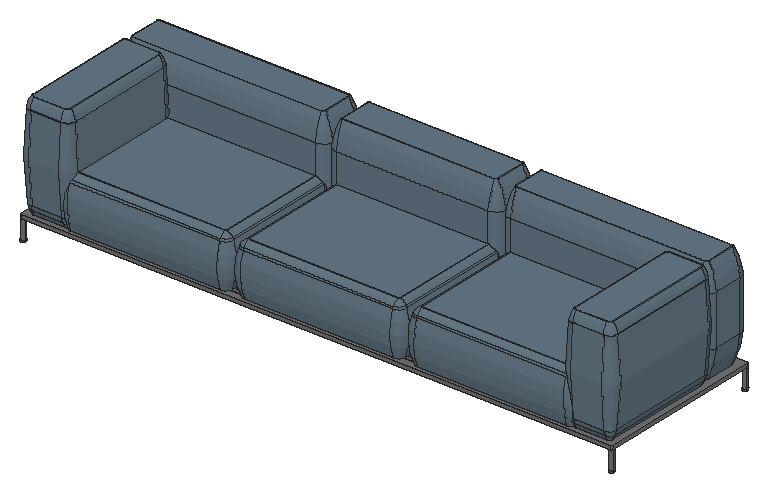
Revit family "Haworth_Mex-Hi_Sofa_ExtraWide", category Furniture, Revit 2018
Family settings
  OmniClass Number = 23.40.70.14.64.21
  OmniClass Title = Systems Furniture
  Work Plane-Based = No
  Always vertical = Yes
  Cut with Voids When Loaded = No
  Shared = No
  Room Calculation Point = No
Parameters (values of type "Three Seat Sofa - Two Arms")
  Without Arms = no
  With Arms = not(Without Arms)  # yes
  Warranty = "http://www.haworth.com/resources/product-info/warranties"
  URL - Product = "https://www.haworth.com/na/en/products/lounge-sofas/ottomans/mex-hi-seating.html"
  URL = "https://www.haworth.com/na/en/about/brands/haworth-collection.html"
  Trim Finish = Haworth _ Polymer _ Black
  Sustainability Info = "https://www.haworth.com/na/en/expertise/sustainability.html"
  Size = "Verify Final Dim. w/ Haworth"  # constant formula
  Seat Upholstery Finish [instance] = Haworth _ Leather _ Scozia _ Oceano ES-342
  Right Arms = yes
  Revision Number = "1"  # constant formula
  Model = "HCCSMHL"  # constant formula
  Manufacturer = "Haworth"  # constant formula
  Left Arms = yes
  Description = "Haworth - Cassina - Mex-Hi - Sofa - Two Arms - Extra Wide Three Seat"
  Base Finish [instance] = Haworth _ Paint _ Matte Anthracite 69-ANT
  Back Upholstery Finish [instance] = Haworth _ Leather _ Scozia _ Oceano ES-342
  Author = "Haworth (Abd Rahman)"  # constant formula
  Assembly Code = "E2020200"
  Actual Width = 122.00"  # constant formula
  Actual Height = 28.30"  # constant formula
  Actual Depth = 35.50"  # constant formula
Reference planes (in)
  plane 1: z = 0
  plane 2 "Center L/R": x = -6.11989
  plane 3 "Center F/B": y = -11.5
  plane 4 "Top": z = 28.3
  plane 5 "Back": y = 6.25
  plane 6 "Front": y = -29.25
  plane 7 "Right": x = 54.88011
  plane 8 "Left": x = -67.11989
  plane 9: x = -23.83489
  plane 10: x = 11.59511
  plane 11: z = 4.88189
Dimensions and locks (in)
  equal spacing: plane 8 "Left", plane 2 "Center L/R", plane 7 "Right"
  "Actual Width": plane 8 "Left" to plane 7 "Right"
  equal spacing: plane 5 "Back", plane 3 "Center F/B", plane 6 "Front"
  "Actual Depth": plane 5 "Back" to plane 6 "Front"
  "Actual Height": plane 4 "Top" to plane 1
  plane 8 "Left" to plane 9 to plane 10 to plane 7 "Right" = 43.285", 35.43", 43.285"
  aligned and locked: plane 2 "Center L/R" to nested 2
  aligned and locked: nested 2 to plane 3 "Center F/B"
  aligned and locked: nested 1 to plane 2 "Center L/R"
  aligned and locked: plane 7 "Right" to nested 5
  aligned and locked: plane 8 "Left" to nested 6
  aligned and locked: plane 5 "Back" to nested 6
  aligned and locked: nested 5 to plane 5 "Back"
  aligned and locked: nested 4 to plane 7 "Right"
  aligned and locked: nested 3 to plane 8 "Left"
  aligned and locked: plane 2 "Center L/R" to nested 7
  aligned and locked: nested 4 to nested 7
  aligned and locked: plane 8 "Left" to nested 8
  aligned and locked: plane 6 "Front" to nested 8
  aligned and locked: plane 7 "Right" to nested 9
  aligned and locked: nested 9 to plane 6 "Front"
  aligned and locked: nested 10 to nested 3
  aligned and locked: nested 4 to nested 11
  aligned and locked: plane 9 to nested 1
  aligned and locked: plane 10 to nested 1
  aligned and locked: nested 10 to plane 9
  aligned and locked: nested 11 to plane 10
  aligned and locked: nested 2 to plane 11
  aligned and locked: nested 6 to plane 11
  aligned and locked: plane 11 to nested 3
  aligned and locked: plane 11 to nested 8
  aligned and locked: plane 11 to nested 10
  aligned and locked: plane 11 to nested 7
  aligned and locked: plane 11 to nested 4
  aligned and locked: plane 11 to nested 11
  aligned and locked: nested 9 to plane 11
  aligned and locked: nested 1 to plane 11
Nested families (in)
  nested 1: "Haworth_Mex-Hi_Sofa_Back-Wide-PART" at (-12.59365, 9.90612, -0.04956) x (-1, 0, 0) z (0, 0, 1), Back Upholstery Finish <- "Back Upholstery Finish", type "Back Wide - PART - Small"
    with Back Upholstery Finish Haworth _ Leather _ Scozia _ Oceano ES-342, Extra Small no
  nested 2: "Haworth_Mex-Hi_Sofa_Base-PART" at (0, 0, 0), Base Finish <- "Base Finish", type "Base - PART"
    with Base Finish Haworth _ Paint _ Matte Anthracite 69-ANT, Two Seats no, Actual Width 122.00"
  nested 3: "Haworth_Mex-Hi_Sofa_Seat-Wide-PART" at (-38.69817, -3.81836, 0), Seat Upholstery Finish <- "Seat Upholstery Finish", visible <- "Without Arms", type "Seat Wide - PART - Middle - Large"
    with Seat Upholstery Finish Haworth _ Leather _ Scozia _ Oceano ES-342
  nested 4: "Haworth_Mex-Hi_Sofa_Seat-Wide-PART" at (38.76563, -3.81836, 0), Seat Upholstery Finish <- "Seat Upholstery Finish", visible <- "Without Arms", type "Seat Wide - PART - Middle - Large"
    with Seat Upholstery Finish Haworth _ Leather _ Scozia _ Oceano ES-342
  nested 5: "Haworth_Mex-Hi_Sofa_Back-Wide-PART" at (43.63887, 9.90612, -0.04956), Back Upholstery Finish <- "Back Upholstery Finish", type "Back Wide - PART - Large"
    with Back Upholstery Finish Haworth _ Leather _ Scozia _ Oceano ES-342, Extra Small no
  nested 6: "Haworth_Mex-Hi_Sofa_Back-Wide-PART" at (-55.87865, 9.90612, -0.04956) x (-1, 0, 0) z (0, 0, 1), Back Upholstery Finish <- "Back Upholstery Finish", type "Back Wide - PART - Large"
    with Back Upholstery Finish Haworth _ Leather _ Scozia _ Oceano ES-342, Extra Small no
  nested 7: "Haworth_Mex-Hi_Sofa_Seat-Wide-PART" at (0, -3.81836, 0), Seat Upholstery Finish <- "Seat Upholstery Finish", type "Seat Wide - PART - Middle - Small"
    with Seat Upholstery Finish Haworth _ Leather _ Scozia _ Oceano ES-342
  nested 8: "Haworth_Mex-Hi_Sofa_Arm-Wide-PART" at (-54.95296, -6.3526, -0.04956), visible <- "Left Arms", Arm Finish <- "Back Upholstery Finish", type "Arm Wide - PART"
    with Arm Finish Haworth _ Leather _ Scozia _ Oceano ES-342
  nested 9: "Haworth_Mex-Hi_Sofa_Arm-Wide-PART" at (42.71317, -6.3526, -0.04956) x (-1, 0, 0) z (0, 0, 1), visible <- "Right Arms", Arm Finish <- "Back Upholstery Finish", type "Arm Wide - PART"
    with Arm Finish Haworth _ Leather _ Scozia _ Oceano ES-342
  nested 10: "Haworth_Mex-Hi_Sofa_Seat-Wide-PART" at (-35.56461, -3.81836, 0), visible <- "With Arms", Seat Upholstery Finish <- "Seat Upholstery Finish", type "Seat Wide - PART - Middle - Small"
    with Seat Upholstery Finish Haworth _ Leather _ Scozia _ Oceano ES-342
  nested 11: "Haworth_Mex-Hi_Sofa_Seat-Wide-PART" at (35.56461, -3.81836, 0), visible <- "With Arms", Seat Upholstery Finish <- "Seat Upholstery Finish", type "Seat Wide - PART - Middle - Small"
    with Seat Upholstery Finish Haworth _ Leather _ Scozia _ Oceano ES-342
Definition of nested family "Haworth_Mex-Hi_Sofa_Back-Wide-PART"
  Parameters (values of type "Back Wide - PART - Small")
    Warranty = "http://www.haworth.com/resources/product-info/warranties"
    URL - Product = "https://www.haworth.com/na/en/products/lounge-sofas/ottomans/mex-hi-seating.html"
    URL = "https://www.haworth.com/na/en/about/brands/haworth-collection.html"
    Sustainability Info = "https://www.haworth.com/na/en/expertise/sustainability.html"
    Small = yes
    Size = "Verify Final Dim. w/ Haworth"  # constant formula
    Seat Height = 17.00"  # constant formula
    Revision Number = "1"  # constant formula
    Model = "Haworth - Cassina - Mex-Hi"  # constant formula
    Manufacturer = "Haworth"  # constant formula
    Large = no
    Extra Small = yes
    Description = "Haworth - Cassina - Mex-Hi - Back - Wide - PART"  # constant formula
    Back Upholstery Finish [instance] = none
    Author = "Haworth (Abd Rahman)"  # constant formula
    Assembly Code = "E2020200"
    Actual Width = 35.43"  # constant formula
    Actual Height = 27.39844"  # constant formula
    Actual Depth = 10.60"  # constant formula
  Types (2): name | Small | Large
    Back Wide - PART - Small | yes | no
    Back Wide - PART - Large | no | yes
  Reference planes (in)
    plane 1: z = 0
    plane 2 "Top": z = 27.39844
    plane 3: z = 17
    plane 4 "Right": x = 11.24124
    plane 5 "Left": x = -24.18876
    plane 6 "Center (Left/Right)": x = -6.47376
    plane 7 "Back": y = -3.65612
    plane 8 "Front": y = -14.25612
    plane 9 "Center (Front/Back)": y = -8.95612
    plane 10: x = -20.15376
    plane 11: x = 7.20624
  Forms (in)
    Extrusion 1, solid, material <- "Back Upholstery Finish", visible <- "Small"
      sketch origin (0, 0.1875, 0) x (1, 0, 0) y (0, 1, 0)
        loop
          line (-22.40055, -6.01823) -> (-22.40055, -12.26715)
          arc (-22.40055, -12.26715) -> (-22.28726, -12.54067) -> (-22.01374, -12.65397) r 0.38681
          line (-22.01374, -12.65397) -> (9.07786, -12.65397)
          arc (9.07786, -12.65397) -> (9.35138, -12.54067) -> (9.46468, -12.26715) r 0.38681
          line (9.46468, -12.26715) -> (9.46468, -6.01823)
          arc (9.46468, -6.01823) -> (9.35138, -5.74471) -> (9.07786, -5.63141) r 0.38681
          line (9.07786, -5.63141) -> (-22.01374, -5.63141)
          arc (-22.01374, -5.63141) -> (-22.28726, -5.74471) -> (-22.40055, -6.01823) r 0.38681
      from 4.93145 to 26.69365
    Sweep 2, solid, material <- "Back Upholstery Finish", visible <- "Small"
      path origin (0, 0.1875, 0) x (1, 0, 0) y (0, 1, 0)
        loop
          arc (-22.01374, -5.51823) -> (-22.36729, -5.66467) -> (-22.51374, -6.01823) r 0.5
          line (-22.51374, -6.01823) -> (-22.51374, -12.26715)
          arc (-22.51374, -12.26715) -> (-22.36729, -12.62071) -> (-22.01374, -12.76715) r 0.5
          line (-22.01374, -12.76715) -> (9.07786, -12.76715)
          arc (9.07786, -12.76715) -> (9.43142, -12.62071) -> (9.57786, -12.26715) r 0.5
          line (9.57786, -12.26715) -> (9.57786, -6.01823)
          arc (9.57786, -6.01823) -> (9.43142, -5.66467) -> (9.07786, -5.51823) r 0.5
          line (9.07786, -5.51823) -> (-22.01374, -5.51823)
      profile origin (-6.46794, -5.33073, 0) x (0, 1, 0) y (0, 0, 1)
        loop
          arc (1.49021, 21.44568) -> (0.98441, 24.16007) -> (-0.11319, 26.69365) r 12.32019
          line (-0.11319, 26.69365) -> (-0.11319, 4.93145)
          arc (-0.11319, 4.93145) -> (0.96903, 7.99176) -> (1.49021, 11.19568) r 18.19442
          arc (1.49021, 11.19568) -> (1.67463, 16.32068) -> (1.49021, 21.44568) r 71.30597
    Sweep 3, solid, material <- "Back Upholstery Finish", visible <- "Large"
      path origin (0, 0.1875, 0) x (1, 0, 0) y (0, 1, 0)
        loop
          arc (-29.78736, -5.63141) -> (-30.14092, -5.77786) -> (-30.28736, -6.13141) r 0.5
          line (-30.28736, -6.13141) -> (-30.28736, -12.15397)
          arc (-30.28736, -12.15397) -> (-30.14092, -12.50752) -> (-29.78736, -12.65397) r 0.5
          line (-29.78736, -12.65397) -> (8.96468, -12.65397)
          arc (8.96468, -12.65397) -> (9.31823, -12.50752) -> (9.46468, -12.15397) r 0.5
          line (9.46468, -12.15397) -> (9.46468, -6.13141)
          arc (9.46468, -6.13141) -> (9.31823, -5.77786) -> (8.96468, -5.63141) r 0.5
          line (8.96468, -5.63141) -> (-29.78736, -5.63141)
      profile origin (-10.41134, -5.44391, 0) x (0, 1, 0) y (0, 0, 1)
        loop
          arc (1.49021, 21.44568) -> (0.98441, 24.16007) -> (-0.11319, 26.69365) r 12.32019
          line (-0.11319, 26.69365) -> (-0.11319, 4.93145)
          arc (-0.11319, 4.93145) -> (0.96903, 7.99176) -> (1.49021, 11.19568) r 18.19442
          arc (1.49021, 11.19568) -> (1.67463, 16.32068) -> (1.49021, 21.44568) r 71.30597
    Extrusion 4, solid, material <- "Back Upholstery Finish", visible <- "Large"
      sketch origin (0, 0.1875, 0) x (1, 0, 0) y (0, 1, 0)
        loop
          line (-30.17418, -6.13141) -> (-30.17418, -12.15397)
          arc (-30.17418, -12.15397) -> (-30.06088, -12.42749) -> (-29.78736, -12.54078) r 0.38681
          line (-29.78736, -12.54078) -> (8.96468, -12.54078)
          arc (8.96468, -12.54078) -> (9.2382, -12.42749) -> (9.35149, -12.15397) r 0.38681
          line (9.35149, -12.15397) -> (9.35149, -6.13141)
          arc (9.35149, -6.13141) -> (9.2382, -5.85789) -> (8.96468, -5.7446) r 0.38681
          line (8.96468, -5.7446) -> (-29.78736, -5.7446)
          arc (-29.78736, -5.7446) -> (-30.06088, -5.85789) -> (-30.17418, -6.13141) r 0.38681
      from 4.93145 to 26.69365
    Sweep 5, solid, material <- "Back Upholstery Finish", visible <- "Extra Small"
      path origin (0, 0.1875, 0) x (1, 0, 0) y (0, 1, 0)
        loop
          arc (-17.90376, -5.51823) -> (-18.25731, -5.66467) -> (-18.40376, -6.01823) r 0.5
          line (-18.40376, -6.01823) -> (-18.40376, -12.26715)
          arc (-18.40376, -12.26715) -> (-18.25731, -12.62071) -> (-17.90376, -12.76715) r 0.5
          line (-17.90376, -12.76715) -> (4.95624, -12.76715)
          arc (4.95624, -12.76715) -> (5.30979, -12.62071) -> (5.45624, -12.26715) r 0.5
          line (5.45624, -12.26715) -> (5.45624, -6.01823)
          arc (5.45624, -6.01823) -> (5.30979, -5.66467) -> (4.95624, -5.51823) r 0.5
          line (4.95624, -5.51823) -> (-17.90376, -5.51823)
      profile origin (-6.47376, -5.33073, 0) x (0, 1, 0) y (0, 0, 1)
        loop
          arc (1.49021, 21.44568) -> (0.98441, 24.16007) -> (-0.11319, 26.69365) r 12.32019
          line (-0.11319, 26.69365) -> (-0.11319, 4.93145)
          arc (-0.11319, 4.93145) -> (0.96903, 7.99176) -> (1.49021, 11.19568) r 18.19442
          arc (1.49021, 11.19568) -> (1.67463, 16.32068) -> (1.49021, 21.44568) r 71.30597
    Extrusion 6, solid, material <- "Back Upholstery Finish", visible <- "Extra Small"
      sketch origin (0, 0.1875, 0) x (1, 0, 0) y (0, 1, 0)
        loop
          line (-18.29057, -6.01823) -> (-18.29057, -12.26715)
          arc (-18.29057, -12.26715) -> (-18.17728, -12.54067) -> (-17.90376, -12.65397) r 0.38681
          line (-17.90376, -12.65397) -> (4.95624, -12.65397)
          arc (4.95624, -12.65397) -> (5.22976, -12.54067) -> (5.34306, -12.26715) r 0.38681
          line (5.34306, -12.26715) -> (5.34306, -6.01823)
          arc (5.34306, -6.01823) -> (5.22976, -5.74471) -> (4.95624, -5.63141) r 0.38681
          line (4.95624, -5.63141) -> (-17.90376, -5.63141)
          arc (-17.90376, -5.63141) -> (-18.17728, -5.74471) -> (-18.29057, -6.01823) r 0.38681
      from 4.93145 to 26.69365
  Lines and regions (in)
    Masking region 1, visible <- "Large"
      outline origin (0, 0, 0) x (1, 0, 0) y (0, 1, 0)
        loop
          line (-31.95339, -5.80612) -> (-31.95339, -12.10612)
          arc (-31.95339, -12.10612) -> (-31.32367, -13.6264) -> (-29.80339, -14.25612) r 2.15
          line (-29.80339, -14.25612) -> (9.0884, -14.25612)
          arc (9.0884, -14.25612) -> (10.61069, -13.62556) -> (11.24124, -12.10328) r 2.15284
          line (11.24124, -12.10328) -> (11.24124, -5.80612)
          arc (11.24124, -5.80612) -> (10.61152, -4.28584) -> (9.09124, -3.65612) r 2.15
          line (9.09124, -3.65612) -> (-29.80339, -3.65612)
          arc (-29.80339, -3.65612) -> (-31.32367, -4.28584) -> (-31.95339, -5.80612) r 2.15
    Masking region 2, visible <- "Small"
      outline origin (0, 0, 0) x (1, 0, 0) y (0, 1, 0)
        loop
          line (-24.18876, -5.80612) -> (-24.18876, -12.10612)
          arc (-24.18876, -12.10612) -> (-23.55904, -13.6264) -> (-22.03876, -14.25612) r 2.15
          line (-22.03876, -14.25612) -> (9.0884, -14.25612)
          arc (9.0884, -14.25612) -> (10.61069, -13.62556) -> (11.24124, -12.10328) r 2.15284
          line (11.24124, -12.10328) -> (11.24124, -5.80612)
          arc (11.24124, -5.80612) -> (10.61152, -4.28584) -> (9.09124, -3.65612) r 2.15
          line (9.09124, -3.65612) -> (-22.03876, -3.65612)
          arc (-22.03876, -3.65612) -> (-23.55904, -4.28584) -> (-24.18876, -5.80612) r 2.15
    Masking region 3, visible <- "Extra Small"
      outline origin (0, 0, 0) x (1, 0, 0) y (0, 1, 0)
        loop
          line (-20.15376, -5.80612) -> (-20.15376, -12.10612)
          arc (-20.15376, -12.10612) -> (-19.52404, -13.6264) -> (-18.00376, -14.25612) r 2.15
          line (-18.00376, -14.25612) -> (5.0534, -14.25612)
          arc (5.0534, -14.25612) -> (6.57569, -13.62556) -> (7.20624, -12.10328) r 2.15284
          line (7.20624, -12.10328) -> (7.20624, -5.80612)
          arc (7.20624, -5.80612) -> (6.57652, -4.28584) -> (5.05624, -3.65612) r 2.15
          line (5.05624, -3.65612) -> (-18.00376, -3.65612)
          arc (-18.00376, -3.65612) -> (-19.52404, -4.28584) -> (-20.15376, -5.80612) r 2.15
  Dimensions and locks (in)
    "Actual Height": plane 2 "Top" to plane 1
    "Seat Height": plane 3 to level
    equal spacing: plane 5 "Left", plane 6 "Center (Left/Right)", plane 4 "Right"
    "Actual Width": plane 5 "Left" to plane 4 "Right"
    equal spacing: plane 8 "Front", plane 9 "Center (Front/Back)", plane 7 "Back"
    "Actual Depth": plane 8 "Front" to plane 7 "Back"
    Masking region 3 sketch curve to plane 6 "Center (Left/Right)" to Masking region 3 sketch curve = 13.68", 13.68"
  Automatic sketch dimensions
    Extrusion 1 sketch curve to plane 5 "Left" = 1.78821"
    Extrusion 1 sketch curve to Extrusion 1 sketch curve = 0.38681"  (x3)
    Extrusion 1 sketch curve to plane 4 "Right" = 2.16338"  (x2)
    plane 8 "Front" to Extrusion 1 sketch curve = 1.78965"
    plane 7 "Back" to Extrusion 1 sketch curve = 2.17461"
    Sweep 2 sketch curve to plane 5 "Left" = 1.67502"
    Sweep 2 sketch curve to Sweep 2 sketch curve = 0.50"  (x3)
    Sweep 2 sketch curve to plane 4 "Right" = 2.16338"  (x2)
    plane 8 "Front" to Sweep 2 sketch curve = 1.67646"
    plane 7 "Back" to Sweep 2 sketch curve = 2.17461"
    level to Sweep 2 sketch curve = 16.32068"
    profile plane to Sweep 2 sketch curve = 69.63135"
    profile plane to Sweep 2 sketch curve = 16.65715"
    Sweep 2 sketch curve to Sweep 2 sketch curve = 5.85904"
    profile plane to Sweep 2 sketch curve = 0.11319"
    level to Sweep 2 sketch curve = 12.50337"
    level to Sweep 2 sketch curve = 4.93145"
    Sweep 2 sketch curve to Sweep 2 sketch curve = 8.05681"
    Sweep 2 sketch curve to Sweep 2 sketch curve = 6.13346"
    Sweep 2 sketch curve to Sweep 2 sketch curve = 0.00"
    Masking region 1 sketch curve to plane 8 "Front" = 0.00"
    plane 7 "Back" to Masking region 1 sketch curve = 0.00"
    Masking region 1 sketch curve to plane 4 "Right" = 0.00"
    Masking region 1 sketch curve to plane 4 "Right" = 2.15"
    Masking region 1 sketch curve to Masking region 1 sketch curve = 2.15284"
    plane 7 "Back" to Masking region 1 sketch curve = 2.15"
    plane 5 "Left" to Masking region 1 sketch curve = 5.61464"
    Masking region 1 sketch curve to Masking region 1 sketch curve = 2.15"
    plane 8 "Front" to Sweep 3 sketch curve = 2.28965"
    plane 5 "Left" to Sweep 3 sketch curve = 6.09861"
    Sweep 3 sketch curve to Sweep 3 sketch curve = 0.50"  (x3)
    Sweep 3 sketch curve to plane 4 "Right" = 2.27656"  (x2)
    plane 7 "Back" to Sweep 3 sketch curve = 2.2878"
    level to Sweep 3 sketch curve = 16.32068"
    profile plane to Sweep 3 sketch curve = 69.63135"
    profile plane to Sweep 3 sketch curve = 16.65715"
    Sweep 3 sketch curve to Sweep 3 sketch curve = 5.85904"
    profile plane to Sweep 3 sketch curve = 0.11319"
    level to Sweep 3 sketch curve = 12.50337"
    level to Sweep 3 sketch curve = 4.93145"
    Sweep 3 sketch curve to Sweep 3 sketch curve = 8.05681"
    Sweep 3 sketch curve to Sweep 3 sketch curve = 6.13346"
    Sweep 3 sketch curve to Sweep 3 sketch curve = 0.00"
    plane 7 "Back" to Extrusion 4 sketch curve = 2.2878"
    plane 5 "Left" to Extrusion 4 sketch curve = 5.98542"
    Extrusion 4 sketch curve to Extrusion 4 sketch curve = 0.38681"  (x3)
    Extrusion 4 sketch curve to plane 4 "Right" = 2.27656"  (x2)
    plane 8 "Front" to Extrusion 4 sketch curve = 2.28965"
    Masking region 2 sketch curve to plane 5 "Left" = 0.00"
    Masking region 2 sketch curve to plane 8 "Front" = 0.00"
    plane 7 "Back" to Masking region 2 sketch curve = 0.00"
    Masking region 2 sketch curve to plane 4 "Right" = 0.00"
    Masking region 2 sketch curve to plane 5 "Left" = 2.15"  (x2)
    Masking region 2 sketch curve to plane 4 "Right" = 2.15284"
    Masking region 2 sketch curve to Masking region 2 sketch curve = 2.15"
    Masking region 3 sketch curve to plane 8 "Front" = 0.00"
    plane 7 "Back" to Masking region 3 sketch curve = 0.00"
    plane 8 "Front" to Masking region 3 sketch curve = 2.15"
    Masking region 3 sketch curve to Masking region 3 sketch curve = 2.15"
    Masking region 3 sketch curve to Masking region 3 sketch curve = 2.15284"
    plane 7 "Back" to Masking region 3 sketch curve = 2.15"
    plane 8 "Front" to Sweep 5 sketch curve = 2.17646"  (x2)
    Sweep 5 sketch curve to plane 5 "Left" = 5.785"
    Sweep 5 sketch curve to Sweep 5 sketch curve = 0.50"  (x3)
    Sweep 5 sketch curve to plane 4 "Right" = 6.285"
    plane 7 "Back" to Sweep 5 sketch curve = 2.17461"
    level to Sweep 5 sketch curve = 16.32068"
    profile plane to Sweep 5 sketch curve = 69.63135"
    profile plane to Sweep 5 sketch curve = 16.65715"
    Sweep 5 sketch curve to Sweep 5 sketch curve = 5.85904"
    profile plane to Sweep 5 sketch curve = 0.11319"
    level to Sweep 5 sketch curve = 12.50337"
    level to Sweep 5 sketch curve = 4.93145"
    Sweep 5 sketch curve to Sweep 5 sketch curve = 8.05681"
    Sweep 5 sketch curve to Sweep 5 sketch curve = 6.13346"
    Sweep 5 sketch curve to Sweep 5 sketch curve = 0.00"
    Extrusion 6 sketch curve to plane 5 "Left" = 5.89819"
    Extrusion 6 sketch curve to Extrusion 6 sketch curve = 0.38681"  (x3)
    Extrusion 6 sketch curve to plane 4 "Right" = 6.285"  (x2)
    plane 8 "Front" to Extrusion 6 sketch curve = 1.78965"
    plane 7 "Back" to Extrusion 6 sketch curve = 2.17461"
Definition of nested family "Haworth_Mex-Hi_Sofa_Base-PART"
  Parameters (values of type "Base - PART")
    Warranty = "http://www.haworth.com/resources/product-info/warranties"
    URL - Product = "https://www.haworth.com/na/en/products/lounge-sofas/ottomans/mex-hi-seating.html"
    URL = "https://www.haworth.com/na/en/about/brands/haworth-collection.html"
    Two Seats = yes
    Trim Finish = none
    Three Seats = yes
    Sustainability Info = "https://www.haworth.com/na/en/expertise/sustainability.html"
    Size = "Verify Final Dim. w/ Haworth"  # constant formula
    Revision Number = "1"  # constant formula
    Model = "Haworth - Cassina - Mex-Hi"  # constant formula
    Manufacturer = "Haworth"  # constant formula
    Description = "Haworth - Cassina - Mex-Hi - Sofa - Base - PART"  # constant formula
    Base Finish [instance] = none
    Author = "Haworth (Abd Rahman)"  # constant formula
    Assembly Code = "E2020200"
    Actual Width = 106.30"
    Actual Height = 28.30"  # constant formula
    Actual Depth = 35.50"
  Reference planes (in)
    plane 1: z = 0
    plane 2 "Center L/R": x = -6.11989
    plane 3 "Center F/B": y = -11.5
    plane 4 "Top": z = 28.3
    plane 5 "Back": y = 6.25
    plane 6 "Front": y = -29.25
    plane 7 "Right": x = 47.03011
    plane 8 "Left": x = -59.26989
    plane 9: x = 12.56121
    plane 10: x = 11.38011
    plane 11: x = -23.61989
    plane 12: x = -24.801
    plane 13: y = 4.4803
    plane 14: y = 3.20078
    plane 15: y = 2.01967
    plane 16: y = -4.67324
    plane 17: y = -5.85434
    plane 18: y = -24.9511
    plane 19: y = -26.1322
    plane 20: y = -27.40946
    plane 21: y = 6.04866
    plane 22: y = -28.9838
    plane 23: x = -57.4682
    plane 24: x = 45.28743
    plane 25: x = 46.85823
    plane 26: x = -59.04253
    plane 27: x = 11.9669
    plane 28: x = -24.21044
    plane 29: y = -17.07481
    plane 30: y = -5.26247
    plane 31: x = -6.6827
    plane 32: x = -5.5016
  Forms (in)
    Extrusion 1, solid, material <- "Base Finish"
      sketch origin (-0.25, 0.4375, 0) x (1, 0, 0) y (0, 1, 0)
        loop
          line (46.73209, 5.61116) -> (-58.41639, 5.61116)
          arc (-58.41639, 5.61116) -> (-58.68236, 5.50099) -> (-58.79253, 5.23502) r 0.37614
          line (-58.79253, 5.23502) -> (-58.79253, -29.03536)
          arc (-58.79253, -29.03536) -> (-58.67949, -29.30826) -> (-58.4066, -29.4213) r 0.38594
          line (-58.4066, -29.4213) -> (46.82505, -29.4213)
          arc (46.82505, -29.4213) -> (47.02529, -29.33835) -> (47.10823, -29.13811) r 0.28319
          line (47.10823, -29.13811) -> (47.10823, 5.23502)
          arc (47.10823, 5.23502) -> (46.99806, 5.50099) -> (46.73209, 5.61116) r 0.37614
        loop
          line (45.53743, -5.11074) -> (45.53743, 1.58217) -> (-57.2182, 1.58217) -> (-57.2182, -5.11074) -> (45.53743, -5.11074)
        loop
          line (-57.2182, 2.76328) -> (45.53743, 2.76328) -> (45.53743, 4.0428) -> (-57.2182, 4.0428) -> (-57.2182, 2.76328)
        loop
          line (45.53743, -6.29184) -> (-57.2182, -6.29184) -> (-57.2182, -25.3886) -> (45.53743, -25.3886) -> (45.53743, -6.29184)
        loop
          line (45.53743, -26.5697) -> (-57.2182, -26.5697) -> (-57.2182, -27.84696) -> (45.53743, -27.84696) -> (45.53743, -26.5697)
      from 4.08098 to 4.88189
    Extrusion 2, solid, material <- "Base Finish"
      sketch origin (-0.25, 0.4375, 0) x (1, 0, 0) y (0, 1, 0)
        loop
          circle (-58.39883, 5.22344) r 0.41206
        loop
          circle (46.72054, -29.02659) r 0.41206
        loop
          circle (46.72363, 5.22313) r 0.41206
        loop
          circle (-58.39602, -29.0239) r 0.41206
      from 0 to 4.08098
    Extrusion 3, solid, material <- "Trim Finish"
      sketch origin (-0.25, 0.4375, 0) x (1, 0, 0) y (0, 1, 0)
        loop
          circle (-58.39883, 5.22344) r 0.49213
        loop
          circle (-58.39883, -29.02999) r 0.49213
        loop
          circle (46.72154, 5.22344) r 0.49213
        loop
          circle (46.71782, -29.02818) r 0.49213
      from 0 to 0.23622
    Extrusion 4, solid, material <- "Base Finish", visible <- "Two Seats"
      sketch origin (0, 0, 0) x (1, 0, 0) y (0, 1, 0)
        loop
          line (-5.5016, -27.40946) -> (-5.5016, 6.04866) -> (-6.6827, 6.04866) -> (-6.6827, -27.40946) -> (-5.5016, -27.40946)
      from 4.08098 to 4.88189
    Extrusion 5, solid, material <- "Base Finish", visible <- "Three Seats"
      sketch origin (-17.68716, 0, 0) x (1, 0, 0) y (0, 1, 0)
        loop
          line (-5.93273, -27.40946) -> (-5.93273, 6.04866) -> (-7.11383, 6.04866) -> (-7.11383, -27.40946) -> (-5.93273, -27.40946)
      from 4.08098 to 4.88189
    Extrusion 6, solid, material <- "Base Finish", visible <- "Three Seats"
      sketch origin (17.7459, 0, 0) x (1, 0, 0) y (0, 1, 0)
        loop
          line (-5.1847, -27.40946) -> (-5.1847, 6.04866) -> (-6.3658, 6.04866) -> (-6.3658, -27.40946) -> (-5.1847, -27.40946)
      from 4.08098 to 4.88189
    Extrusion 7, solid, material <- "Trim Finish", visible <- "Two Seats"
      sketch origin (0, 0, 0) x (1, 0, 0) y (0, 1, 0)
        loop
          circle (-6.11989, -17.07481) r 0.49213
        loop
          circle (-6.11989, -5.26247) r 0.49213
      from 0 to 0.23622
    Extrusion 8, solid, material <- "Trim Finish", visible <- "Two Seats"
      sketch origin (0, 0, 0) x (1, 0, 0) y (0, 1, 0)
        loop
          circle (-6.11989, -17.07481) r 0.41206
        loop
          circle (-6.11989, -5.26247) r 0.41206
      from 0 to 4.08098
    Extrusion 9, solid, material <- "Trim Finish", visible <- "Three Seats"
      sketch origin (0, 0, 0) x (1, 0, 0) y (0, 1, 0)
        loop
          circle (-24.21044, -17.07481) r 0.41206
        loop
          circle (-24.21044, -5.26247) r 0.41206
        loop
          circle (11.9669, -5.26247) r 0.41206
        loop
          circle (11.9669, -17.07481) r 0.41206
      from 0 to 4.08098
    Extrusion 10, solid, material <- "Trim Finish", visible <- "Three Seats"
      sketch origin (0, 0, 0) x (1, 0, 0) y (0, 1, 0)
        loop
          circle (-24.21044, -17.07481) r 0.49213
        loop
          circle (-24.21044, -5.26247) r 0.49213
        loop
          circle (11.9669, -5.26247) r 0.49213
        loop
          circle (11.9669, -17.07481) r 0.49213
      from 0 to 0.23622
  Lines and regions (in)
    symbolic lines
      curve 1: line (-59.04253, 6.04866, 0) -> (46.85823, 6.04866, 0)
      curve 2: line (-59.04253, -28.9838, 0) -> (-59.04253, 6.04866, 0)
      curve 3: line (46.85823, -28.9838, 0) -> (-59.04253, -28.9838, 0)
      curve 4: line (46.85823, 6.04866, 0) -> (46.85823, -28.9838, 0)
      curve 5: line (-57.4682, -27.40946, 0) -> (-24.801, -27.40946, 0)
      curve 6: line (-57.4682, -26.1322, 0) -> (-57.4682, -27.40946, 0)
      curve 7: line (-24.801, -26.1322, 0) -> (-57.4682, -26.1322, 0)
      curve 8: line (-24.801, -27.40946, 0) -> (-24.801, -26.1322, 0)
      curve 9: line (11.38011, -27.40946, 0) -> (-23.61989, -27.40946, 0)
      curve 10: line (11.38011, -26.1322, 0) -> (11.38011, -27.40946, 0)
      curve 11: line (-23.61989, -26.1322, 0) -> (11.38011, -26.1322, 0)
      curve 12: line (-23.61989, -27.40946, 0) -> (-23.61989, -26.1322, 0)
      curve 13: line (12.56121, -26.1322, 0) -> (45.28743, -26.1322, 0)
      curve 14: line (12.56121, -27.40946, 0) -> (12.56121, -26.1322, 0)
      curve 15: line (45.28743, -27.40946, 0) -> (12.56121, -27.40946, 0)
      curve 16: line (45.28743, -26.1322, 0) -> (45.28743, -27.40946, 0)
      curve 17: line (45.28743, -24.9511, 0) -> (12.56121, -24.9511, 0)
      curve 18: line (45.28743, -5.85434, 0) -> (45.28743, -24.9511, 0)
      curve 19: line (12.56121, -5.85434, 0) -> (45.28743, -5.85434, 0)
      curve 20: line (12.56121, -24.9511, 0) -> (12.56121, -5.85434, 0)
      curve 21: line (45.28743, -4.67324, 0) -> (12.56121, -4.67324, 0)
      curve 22: line (45.28743, 2.01967, 0) -> (45.28743, -4.67324, 0)
      curve 23: line (12.56121, 2.01967, 0) -> (45.28743, 2.01967, 0)
      curve 25: line (11.38011, 2.01967, 0) -> (-23.61989, 2.01967, 0)
      curve 27: line (-23.61989, -4.67324, 0) -> (11.38011, -4.67324, 0)
      curve 28: line (-23.61989, 2.01967, 0) -> (-23.61989, -4.67324, 0)
      curve 29: line (-23.61989, -5.85434, 0) -> (11.38011, -5.85434, 0)
      curve 30: line (-23.61989, -24.9511, 0) -> (-23.61989, -5.85434, 0)
      curve 31: line (11.38011, -24.9511, 0) -> (-23.61989, -24.9511, 0)
      curve 32: line (11.38011, -5.85434, 0) -> (11.38011, -24.9511, 0)
      curve 33: line (-24.801, -24.9511, 0) -> (-57.4682, -24.9511, 0)
      curve 35: line (-57.4682, -5.85434, 0) -> (-24.801, -5.85434, 0)
      curve 36: line (-57.4682, -24.9511, 0) -> (-57.4682, -5.85434, 0)
      curve 37: line (-57.4682, -4.67324, 0) -> (-24.801, -4.67324, 0)
      curve 38: line (-57.4682, 2.01967, 0) -> (-57.4682, -4.67324, 0)
      curve 39: line (-24.801, 2.01967, 0) -> (-57.4682, 2.01967, 0)
      curve 40: line (-24.801, -4.67324, 0) -> (-24.801, 2.01967, 0)
      curve 41: line (-57.4682, 4.4803, 0) -> (-24.801, 4.4803, 0)
      curve 42: line (-57.4682, 3.20078, 0) -> (-57.4682, 4.4803, 0)
      curve 43: line (-24.801, 3.20078, 0) -> (-57.4682, 3.20078, 0)
      curve 44: line (-24.801, 4.4803, 0) -> (-24.801, 3.20078, 0)
      curve 45: line (11.38011, 3.20078, 0) -> (-23.61989, 3.20078, 0)
      curve 46: line (11.38011, 4.4803, 0) -> (11.38011, 3.20078, 0)
      curve 47: line (-23.61989, 4.4803, 0) -> (11.38011, 4.4803, 0)
      curve 49: line (45.28743, 3.20078, 0) -> (12.56121, 3.20078, 0)
      curve 50: line (45.28743, 4.4803, 0) -> (45.28743, 3.20078, 0)
      curve 51: line (12.56121, 4.4803, 0) -> (45.28743, 4.4803, 0)
      curve 52: line (12.56121, 3.20078, 0) -> (12.56121, 4.4803, 0)
    symbolic lines, visible <- "Three Seats"
      curve 24: line (12.56121, -27.40946, 0) -> (12.56121, 4.4803, 0)
      curve 26: line (11.38011, -27.40946, 0) -> (11.38011, 4.4803, 0)
      curve 34: line (-24.801, 4.4803, 0) -> (-24.801, -27.40946, 0)
      curve 48: line (-23.61989, -27.40946, 0) -> (-23.61989, 4.4803, 0)
    symbolic lines, visible <- "Two Seats"
      curve 53: line (-6.6827, 6.04866, 0) -> (-5.5016, 6.04866, 0)
      curve 54: line (-6.6827, -27.40946, 0) -> (-6.6827, 6.04866, 0)
      curve 55: line (-5.5016, -27.40946, 0) -> (-6.6827, -27.40946, 0)
      curve 56: line (-5.5016, 6.04866, 0) -> (-5.5016, -27.40946, 0)
  Dimensions and locks (in)
    equal spacing: plane 8 "Left", plane 2 "Center L/R", plane 7 "Right"
    "Actual Width": plane 8 "Left" to plane 7 "Right"
    equal spacing: plane 5 "Back", plane 3 "Center F/B", plane 6 "Front"
    "Actual Depth": plane 5 "Back" to plane 6 "Front"
    "Actual Height": plane 4 "Top" to plane 1
    plane 18 to plane 19 to plane 20 to plane 22 to plane 6 "Front" = 1.1811" locked, 1.27726" locked, 1.57434" locked, 0.2662" locked
    plane 5 "Back" to plane 21 to plane 13 to plane 14 to plane 15 to plane 16 to plane 17 = 0.20134" locked, 1.56835" locked, 1.27953" locked, 1.1811" locked, 6.69291" locked, 1.1811" locked
    plane 30 to plane 3 "Center F/B" to plane 29 = 6.23753" locked, 5.57481" locked
    plane 31 to plane 2 "Center L/R" to plane 32 = 0.56281" locked, 0.61829" locked
    plane 10 to plane 27 to plane 9 = 0.58679" locked, 0.59431" locked
    plane 12 to plane 28 to plane 11 = 0.59055" locked, 0.59055" locked
    plane 24 to plane 25 to plane 7 "Right" = 1.5708" locked, 0.17188" locked
    plane 8 "Left" to plane 26 to plane 23 = 0.22736" locked, 1.57433" locked
    plane 9 to plane 24 = 32.72622"
    plane 23 to plane 12 = 32.6672"
    aligned and locked: Extrusion 1 to plane 13
    aligned and locked: plane 14 to Extrusion 1
    aligned and locked: Extrusion 1 to plane 15
    aligned and locked: plane 16 to Extrusion 1
    aligned and locked: Extrusion 1 to plane 17
    aligned and locked: plane 18 to Extrusion 1
    aligned and locked: Extrusion 1 to plane 19
    aligned and locked: Extrusion 1 to plane 20
    aligned and locked: plane 26 to Extrusion 1  (x2)
    aligned and locked: Extrusion 1 to plane 23  (x4)
    aligned and locked: Extrusion 1 to plane 25  (x2)
    aligned and locked: plane 24 to Extrusion 1  (x4)
    aligned and locked: curve 2 to plane 26
    aligned and locked: plane 21 to Extrusion 1
    aligned and locked: plane 14 to curve 43
    aligned and locked: plane 15 to curve 39
    aligned and locked: curve 37 to plane 16
    aligned and locked: curve 35 to plane 17
    aligned and locked: plane 18 to curve 33
    aligned and locked: plane 19 to curve 7
    aligned and locked: plane 20 to curve 5
    aligned and locked: plane 23 to curve 6
    aligned and locked: curve 36 to plane 23
    aligned and locked: plane 23 to curve 38
    aligned and locked: curve 42 to plane 23
    aligned and locked: plane 12 to curve 44
    aligned and locked: curve 40 to plane 12
    aligned and locked: curve 8 to plane 12
    aligned and locked: curve 12 to plane 11
    aligned and locked: curve 30 to plane 11
    aligned and locked: plane 11 to curve 28
    aligned and locked: plane 10 to curve 46
    aligned and locked: curve 26 to plane 10
    aligned and locked: plane 10 to curve 32
    aligned and locked: plane 10 to curve 10
    aligned and locked: curve 14 to plane 9
    aligned and locked: curve 20 to plane 9
    aligned and locked: curve 52 to plane 9
    aligned and locked: plane 24 to curve 50
    aligned and locked: plane 24 to curve 22
    aligned and locked: plane 24 to curve 18
    aligned and locked: plane 24 to curve 16
    aligned and locked: plane 25 to curve 4
    aligned and locked: Extrusion 1 to plane 22
    aligned and locked: curve 15 to plane 20
    aligned and locked: curve 13 to plane 19
    aligned and locked: plane 18 to curve 17
    aligned and locked: curve 19 to plane 17
    aligned and locked: plane 16 to curve 21
    aligned and locked: curve 23 to plane 15
    aligned and locked: plane 14 to curve 49
    aligned and locked: curve 51 to plane 13
    aligned and locked: curve 1 to plane 21
    aligned and locked: curve 47 to plane 13
    aligned and locked: plane 14 to curve 45
    aligned and locked: plane 15 to curve 25
    aligned and locked: curve 27 to plane 16
    aligned and locked: curve 29 to plane 17
    aligned and locked: plane 18 to curve 31
    aligned and locked: curve 11 to plane 19
    aligned and locked: curve 9 to plane 20
    aligned and locked: plane 22 to curve 3
    aligned and locked: plane 15 to nested 1
    aligned and locked: plane 15 to nested 5
    aligned and locked: plane 15 to nested 6
    aligned and locked: plane 15 to nested 11
    aligned and locked: plane 15 to nested 17
    aligned and locked: plane 15 to nested 12
    aligned and locked: plane 17 to nested 18
    aligned and locked: plane 17 to nested 16
    aligned and locked: plane 17 to nested 13
    aligned and locked: plane 17 to nested 10
    aligned and locked: plane 17 to nested 7
    aligned and locked: plane 17 to nested 2
    aligned and locked: plane 17 to nested 19
    aligned and locked: nested 3 to plane 18
    aligned and locked: nested 4 to plane 18
    aligned and locked: nested 8 to plane 18
    aligned and locked: nested 9 to plane 18
    aligned and locked: nested 15 to plane 18
    aligned and locked: nested 14 to plane 18
    aligned and locked: nested 4 to Extrusion 1
    aligned and locked: Extrusion 1 to Extrusion 4  (x2)
    aligned and locked: Extrusion 4 to plane 32
    aligned and locked: plane 31 to Extrusion 4
    aligned and locked: plane 32 to Extrusion 4 sketch curve
    aligned and locked: Extrusion 4 sketch curve to plane 31
    aligned and locked: Extrusion 4 sketch curve to plane 21
    aligned and locked: Extrusion 4 sketch curve to plane 20
    aligned and locked: plane 9 to Extrusion 6 sketch curve
    aligned and locked: Extrusion 6 sketch curve to plane 10
    aligned and locked: Extrusion 6 sketch curve to plane 21
    aligned and locked: Extrusion 6 sketch curve to plane 20
    aligned and locked: plane 11 to Extrusion 5 sketch curve
    aligned and locked: Extrusion 5 sketch curve to plane 12
    aligned and locked: Extrusion 5 sketch curve to plane 21
    aligned and locked: Extrusion 5 sketch curve to plane 20
    aligned and locked: plane 29 to Extrusion 7 sketch curve
    aligned and locked: plane 2 "Center L/R" to Extrusion 7 sketch curve  (x2)
    aligned and locked: plane 30 to Extrusion 7 sketch curve
    aligned and locked: Extrusion 3 to Extrusion 7
    aligned and locked: plane 29 to Extrusion 8 sketch curve
    aligned and locked: plane 2 "Center L/R" to Extrusion 8 sketch curve  (x2)
    aligned and locked: plane 30 to Extrusion 8 sketch curve
    aligned and locked: Extrusion 8 to Extrusion 1
    aligned and locked: plane 29 to Extrusion 9 sketch curve  (x2)
    aligned and locked: plane 30 to Extrusion 9 sketch curve  (x2)
    aligned and locked: plane 28 to Extrusion 9 sketch curve  (x2)
    aligned and locked: plane 27 to Extrusion 9 sketch curve  (x2)
    aligned and locked: Extrusion 9 to Extrusion 1
    aligned and locked: plane 28 to Extrusion 10 sketch curve  (x2)
    aligned and locked: plane 27 to Extrusion 10 sketch curve  (x2)
    aligned and locked: plane 30 to Extrusion 10 sketch curve  (x2)
    aligned and locked: plane 29 to Extrusion 10 sketch curve  (x2)
    aligned and locked: Extrusion 10 to Extrusion 7
  Automatic sketch dimensions
    Extrusion 1 sketch curve to plane 26 = 0.00"
    Extrusion 1 sketch curve to plane 21 = 0.00"
    Extrusion 1 sketch curve to plane 22 = 0.00"
    plane 20 to Extrusion 1 sketch curve = 0.00"
    Extrusion 1 sketch curve to plane 23 = 0.00"  (x4)
    Extrusion 1 sketch curve to plane 18 = 0.00"
    Extrusion 1 sketch curve to plane 13 = 0.00"
    Extrusion 1 sketch curve to plane 16 = 0.00"
    Extrusion 1 sketch curve to plane 24 = 0.00"  (x4)
    Extrusion 1 sketch curve to plane 14 = 0.00"
    Extrusion 1 sketch curve to plane 15 = 0.00"
    Extrusion 1 sketch curve to plane 25 = 0.00"
    Extrusion 1 sketch curve to plane 19 = 0.00"
    Extrusion 1 sketch curve to plane 17 = 0.00"
    Extrusion 1 sketch curve to Extrusion 1 sketch curve = 0.37614"
    plane 22 to Extrusion 1 sketch curve = 0.38594"
    plane 25 to Extrusion 1 sketch curve = 0.37614"
    Extrusion 1 sketch curve to Extrusion 1 sketch curve = 0.28319"
    Extrusion 2 sketch curve to plane 26 = 0.39651"
    Extrusion 2 sketch curve to plane 26 = 0.3937"
    plane 25 to Extrusion 2 sketch curve = 0.38769"
    plane 25 to Extrusion 2 sketch curve = 0.3846"
    plane 22 to Extrusion 2 sketch curve = 0.39739"
    plane 22 to Extrusion 2 sketch curve = 0.39471"
    Extrusion 2 sketch curve to plane 21 = 0.38803"
    Extrusion 2 sketch curve to plane 21 = 0.38772"
    Extrusion 3 sketch curve to plane 26 = 0.3937"  (x2)
    plane 25 to Extrusion 3 sketch curve = 0.39041"
    plane 25 to Extrusion 3 sketch curve = 0.38669"
    plane 22 to Extrusion 3 sketch curve = 0.39311"
    plane 22 to Extrusion 3 sketch curve = 0.39131"
    Extrusion 3 sketch curve to plane 21 = 0.38772"  (x2)
    plane 20 to curve 55 = 0.00"
    curve 55 to plane 31 = 0.00"
    curve 55 to plane 32 = 0.00"
    curve 44 to plane 13 = 0.00"
    curve 53 to plane 21 = 0.00"
    radius of Extrusion 2 sketch curve = 0.41206"  (x4)
    radius of Extrusion 3 sketch curve = 0.49213"  (x4)
    radius of Extrusion 7 sketch curve = 0.49213"  (x2)
    radius of Extrusion 8 sketch curve = 0.41206"  (x2)
    radius of Extrusion 9 sketch curve = 0.41206"  (x4)
    radius of Extrusion 10 sketch curve = 0.49213"  (x4)
  Nested families (in)
    nested 1: "Haworth_Mex-Hi_Sofa_Knob-PART" at (-49.35041, 13.65777, 0), visible <- "Three Seats", type "Knob - PART"
    nested 2: "Haworth_Mex-Hi_Sofa_Knob-PART" at (-49.35041, 5.78375, 0), visible <- "Three Seats", type "Knob - PART"
    nested 3: "Haworth_Mex-Hi_Sofa_Knob-PART" at (-49.35041, -14.04791, 0), visible <- "Three Seats", type "Knob - PART"
    nested 4: "Haworth_Mex-Hi_Sofa_Knob-PART" at (-41.10041, -14.04791, 0.00098), type "Knob - PART"
    nested 5: "Haworth_Mex-Hi_Sofa_Knob-PART" at (-21.10041, 13.65777, 0), type "Knob - PART"
    nested 6: "Haworth_Mex-Hi_Sofa_Knob-PART" at (-13.66357, 13.65777, 0), type "Knob - PART"
    nested 7: "Haworth_Mex-Hi_Sofa_Knob-PART" at (-13.66357, 5.78375, 0), type "Knob - PART"
    nested 8: "Haworth_Mex-Hi_Sofa_Knob-PART" at (-13.66357, -14.04791, 0), type "Knob - PART"
    nested 9: "Haworth_Mex-Hi_Sofa_Knob-PART" at (14.33643, -14.04791, 0), type "Knob - PART"
    nested 10: "Haworth_Mex-Hi_Sofa_Knob-PART" at (14.33643, 5.78375, 0), type "Knob - PART"
    nested 11: "Haworth_Mex-Hi_Sofa_Knob-PART" at (14.33643, 13.65777, 0), type "Knob - PART"
    nested 12: "Haworth_Mex-Hi_Sofa_Knob-PART" at (21.51753, 13.65777, 0), type "Knob - PART"
    nested 13: "Haworth_Mex-Hi_Sofa_Knob-PART" at (21.51753, 5.78375, 0), type "Knob - PART"
    nested 14: "Haworth_Mex-Hi_Sofa_Knob-PART" at (21.51753, -14.04791, 0), type "Knob - PART"
    nested 15: "Haworth_Mex-Hi_Sofa_Knob-PART" at (41.58464, -14.04791, 0), type "Knob - PART"
    nested 16: "Haworth_Mex-Hi_Sofa_Knob-PART" at (41.58464, 5.78375, 0), type "Knob - PART"
    nested 17: "Haworth_Mex-Hi_Sofa_Knob-PART" at (49.58464, 13.65777, 0), visible <- "Three Seats", type "Knob - PART"
    nested 18: "Haworth_Mex-Hi_Sofa_Knob-PART" at (49.58464, 5.78375, 0), visible <- "Three Seats", type "Knob - PART"
    nested 19: "Haworth_Mex-Hi_Sofa_Knob-PART" at (-41.10041, 5.78375, 0), type "Knob - PART"
  Definition of nested family "Haworth_Mex-Hi_Sofa_Knob-PART"
    Parameters (values of type "Knob - PART")
      Warranty = "http://www.haworth.com/resources/product-info/warranties"
      URL - Product = "https://www.haworth.com/na/en/products/lounge-sofas/ottomans/mex-hi-seating.html"
      URL = "https://www.haworth.com/na/en/about/brands/haworth-collection.html"
      Trim Finish = none
      Sustainability Info = "https://www.haworth.com/na/en/expertise/sustainability.html"
      Size = "Verify Final Dim. w/ Haworth"  # constant formula
      Revision Number = "1"  # constant formula
      Model = "Haworth - Cassina - Mex-Hi"  # constant formula
      Manufacturer = "Haworth"  # constant formula
      Description = "Haworth - Cassina - Mex-Hi - Sofa - Knob - PART"  # constant formula
      Author = "Haworth (Abd Rahman)"  # constant formula
      Assembly Code = "E2020200"
      Actual Width = 1.67"  # constant formula
      Actual Height = 4.08"  # constant formula
      Actual Depth = 1.47"  # constant formula
    Reference planes (in)
      plane 1: z = 0
      plane 2 "Center L/R": x = -6.1322
      plane 3 "Top": z = 4.08
      plane 4: x = -5.2972
      plane 5: x = -6.9672
      plane 6: y = -10.90319
      plane 7: y = -12.373
      plane 8: y = -11.6381
    Forms (in)
      Extrusion 1, solid, material <- "Trim Finish"
        sketch origin (0, 0, 0) x (1, 0, 0) y (0, 1, 0)
          loop
            arc (-6.96571, -11.20052) -> (-6.96593, -11.22622) -> (-6.95004, -11.24643) r 0.03882
            arc (-6.95004, -11.24643) -> (-6.5066, -11.70956) -> (-6.32724, -12.32516) r 1.34831
            arc (-6.32724, -12.32516) -> (-6.31768, -12.34902) -> (-6.29531, -12.36168) r 0.03882
            arc (-6.29531, -12.36168) -> (-6.12907, -12.37648) -> (-5.96283, -12.36168) r 0.94089
            arc (-5.96283, -12.36168) -> (-5.93846, -12.34653) -> (-5.93115, -12.31878) r 0.03882
            arc (-5.93115, -12.31878) -> (-5.74775, -11.6992) -> (-5.2972, -11.23603) r 1.34873
            arc (-5.2972, -11.23603) -> (-5.29048, -11.21886) -> (-5.29243, -11.20052) r 0.03882
            arc (-5.29243, -11.20052) -> (-5.36273, -11.04915) -> (-5.45867, -10.91258) r 0.94086
            arc (-5.45867, -10.91258) -> (-5.48082, -10.89954) -> (-5.50626, -10.90319) r 0.03882
            arc (-5.50626, -10.90319) -> (-6.12907, -11.05565) -> (-6.75188, -10.90319) r 1.34833
            arc (-6.75188, -10.90319) -> (-6.77732, -10.89954) -> (-6.79947, -10.91258) r 0.03882
            arc (-6.79947, -10.91258) -> (-6.89541, -11.04915) -> (-6.96571, -11.20052) r 0.94087
        from 3.49028 to 3.88235
      Extrusion 2, solid, material <- "Trim Finish"
        sketch origin (0, 0, 0) x (1, 0, 0) y (0, 1, 0)
          loop
            circle (-6.1322, -11.5) r 0.37215
        from 3.88235 to 4.08098
    Cuts and joins
      joined: Extrusion 1, Extrusion 2
    Lines and regions (in)
      symbolic lines
        curve 1: arc (-5.50626, -10.90319, 0) -> (-6.12907, -11.05565, 0) -> (-6.75188, -10.90319, 0) r 1.34833
        curve 2: arc (-5.45867, -10.91258, 0) -> (-5.48082, -10.89954, 0) -> (-5.50626, -10.90319, 0) r 0.03882
        curve 3: arc (-5.29243, -11.20052, 0) -> (-5.36273, -11.04915, 0) -> (-5.45867, -10.91258, 0) r 0.94086
        curve 4: arc (-5.2972, -11.23603, 0) -> (-5.29048, -11.21886, 0) -> (-5.29243, -11.20052, 0) r 0.03882
        curve 5: arc (-5.93115, -12.31878, 0) -> (-5.74775, -11.6992, 0) -> (-5.2972, -11.23603, 0) r 1.34873
        curve 6: arc (-5.96283, -12.36168, 0) -> (-5.93846, -12.34653, 0) -> (-5.93115, -12.31878, 0) r 0.03882
        curve 7: arc (-6.29531, -12.36168, 0) -> (-6.12907, -12.37648, 0) -> (-5.96283, -12.36168, 0) r 0.94089
        curve 8: arc (-6.32724, -12.32516, 0) -> (-6.31768, -12.34902, 0) -> (-6.29531, -12.36168, 0) r 0.03882
        curve 9: arc (-6.95004, -11.24643, 0) -> (-6.5066, -11.70956, 0) -> (-6.32724, -12.32516, 0) r 1.34831
        curve 10: arc (-6.96571, -11.20052, 0) -> (-6.96593, -11.22622, 0) -> (-6.95004, -11.24643, 0) r 0.03882
        curve 11: arc (-6.79947, -10.91258, 0) -> (-6.89541, -11.04915, 0) -> (-6.96571, -11.20052, 0) r 0.94087
        curve 12: arc (-6.75188, -10.90319, 0) -> (-6.77732, -10.89954, 0) -> (-6.79947, -10.91258, 0) r 0.03882
    Dimensions and locks (in)
      equal spacing: plane 7, plane 8, plane 6
      plane 6 to plane 7 = 1.46981"
      equal spacing: plane 5, plane 2 "Center L/R", plane 4
      "Actual Width": plane 5 to plane 4
      "Actual Height": plane 3 "Top" to level
    Automatic sketch dimensions
      Extrusion 1 sketch curve to plane 2 "Center L/R" = 0.15625"
      Extrusion 1 sketch curve to plane 2 "Center L/R" = 0.6376"
      Extrusion 1 sketch curve to Extrusion 1 sketch curve = 0.15938"  (x2)
      Extrusion 1 sketch curve to plane 2 "Center L/R" = 1.54206"
      Extrusion 1 sketch curve to plane 2 "Center L/R" = 0.04533"
      Extrusion 1 sketch curve to Extrusion 1 sketch curve = 0.04847"
      plane 2 "Center L/R" to Extrusion 1 sketch curve = 0.00314"
      Extrusion 1 sketch curve to Extrusion 1 sketch curve = 0.09695"
      Extrusion 1 sketch curve to Extrusion 1 sketch curve = 0.31877"
      plane 2 "Center L/R" to Extrusion 1 sketch curve = 0.64387"
      Extrusion 1 sketch curve to Extrusion 1 sketch curve = 0.74511"
      Extrusion 1 sketch curve to Extrusion 1 sketch curve = 0.00"  (x11)
      Extrusion 1 sketch curve to Extrusion 1 sketch curve = 0.00001"
      Extrusion 1 sketch curve to Extrusion 1 sketch curve = 0.08398"
      Extrusion 1 sketch curve to Extrusion 1 sketch curve = 0.27606"  (x2)
      Extrusion 1 sketch curve to Extrusion 1 sketch curve = 1.2303"
      Extrusion 1 sketch curve to plane 2 "Center L/R" = 0.16311"
      Extrusion 1 sketch curve to Extrusion 1 sketch curve = 0.01793"
      Extrusion 2 sketch curve to plane 2 "Center L/R" = 0.00"
      plane 6 to Extrusion 1 sketch curve = 0.00"  (x2)
      Extrusion 1 sketch curve to plane 4 = 0.00"
      plane 6 to Extrusion 1 sketch curve = 0.5324"
      plane 7 to Extrusion 1 sketch curve = 0.04953"
      Extrusion 1 sketch curve to plane 7 = 0.01071"
      plane 6 to Extrusion 2 sketch curve = 0.59681"
      plane 6 to curve 1 = 0.00"  (x2)
      plane 6 to curve 2 = 0.00"
      plane 2 "Center L/R" to curve 1 = 0.00314"
      plane 6 to curve 2 = 0.03443"
      plane 4 to curve 2 = 0.19113"
      curve 1 to plane 6 = 1.19587"
      plane 6 to curve 2 = 0.00939"
      curve 3 to plane 2 "Center L/R" = 0.04533"
      curve 3 to curve 2 = 0.00"
      curve 3 to plane 4 = 0.00477"
      curve 4 to plane 4 = 0.00"
      plane 4 to curve 4 = 0.03174"
      curve 4 to curve 3 = 0.00"
      curve 5 to plane 7 = 0.00766"
      curve 5 to plane 4 = 0.71336"
      plane 7 to curve 5 = 0.05423"
      curve 6 to curve 5 = 0.03853"
      curve 6 to curve 5 = 0.0047"
      plane 7 to curve 6 = 0.01132"
      plane 2 "Center L/R" to curve 7 = 0.00314"
      plane 7 to curve 7 = 0.01132"
      curve 7 to plane 2 "Center L/R" = 0.16311"
      curve 7 to curve 8 = 0.00686"
      curve 8 to curve 8 = 0.03878"
      curve 8 to curve 7 = 0.00"
      curve 9 to plane 7 = 0.01071"
      curve 9 to plane 5 = 0.01716"
      curve 9 to curve 8 = 0.00"
      curve 10 to plane 5 = 0.03801"
      curve 10 to plane 5 = 0.0015"
      curve 10 to curve 9 = 0.00"
      plane 2 "Center L/R" to curve 11 = 0.05162"
      curve 11 to curve 10 = 0.00"
      plane 6 to curve 11 = 0.00939"
      plane 6 to curve 12 = 0.00"
      radius of Extrusion 2 sketch curve = 0.37215"
Definition of nested family "Haworth_Mex-Hi_Sofa_Seat-Wide-PART"
  Parameters (values of type "Seat Wide - PART - Middle - Small")
    Warranty = "http://www.haworth.com/resources/product-info/warranties"
    URL - Product = "https://www.haworth.com/na/en/products/lounge-sofas/ottomans/mex-hi-seating.html"
    URL = "https://www.haworth.com/na/en/about/brands/haworth-collection.html"
    Sustainability Info = "https://www.haworth.com/na/en/expertise/sustainability.html"
    Size = "Verify Final Dim. w/ Haworth"  # constant formula
    Seat Upholstery Finish [instance] = none
    Seat Height = 17.00"  # constant formula
    Revision Number = "1"  # constant formula
    Peninsula Seat = no
    Model = "Haworth - Cassina - Mex-Hi"  # constant formula
    Middle Small Seat = yes
    Middle Large Seat = no
    Manufacturer = "Haworth"  # constant formula
    L/R Seat = no
    Description = "Haworth - Cassina - Mex-Hi - Seat - Wide - PART"  # constant formula
    Author = "Haworth (Abd Rahman)"  # constant formula
    Assembly Code = "E2020200"
    Actual Width = 35.69922"  # constant formula
    Actual Height = 27.39844"  # constant formula
    Actual Depth = 28.80078"  # constant formula
  Types (2): name | Middle Small Seat | Middle Large Seat
    Seat Wide - PART - Middle - Small | yes | no
    Seat Wide - PART - Middle - Large | no | yes
  Reference planes (in)
    plane 1: z = 0
    plane 2 "Center L/R": x = -6.11989
    plane 3 "Center F/B": y = -11.5
    plane 4 "Top": z = 27.39844
    plane 5 "Back": y = 2.90039
    plane 6 "Front": y = -25.90039
    plane 7 "Right": x = 11.72972
    plane 8 "Left": x = -23.9695
    plane 9: z = 17
    plane 10: x = 21.18638
    plane 11: x = -30.55117
    plane 12: x = -28.42172
    plane 13: x = 16.11448
    plane 14: x = -19.80117
    plane 15: x = 7.56138
  Forms (in)
    Extrusion 1, solid, material <- "Seat Upholstery Finish", visible <- "Middle Small Seat"
      sketch origin (4.78944, 14.72405, 0) x (1, 0, 0) y (0, 1, 0)
        loop
          arc (4.64853, -14.53597) -> (4.58765, -14.38899) -> (4.44067, -14.32811) r 0.20787
          line (4.44067, -14.32811) -> (-26.25933, -14.32811)
          arc (-26.25933, -14.32811) -> (-26.40632, -14.38899) -> (-26.4672, -14.53597) r 0.20787
          line (-26.4672, -14.53597) -> (-26.4672, -37.69252)
          arc (-26.4672, -37.69252) -> (-26.40632, -37.83951) -> (-26.25933, -37.90039) r 0.20787
          line (-26.25933, -37.90039) -> (4.44067, -37.90039)
          arc (4.44067, -37.90039) -> (4.58765, -37.83951) -> (4.64853, -37.69252) r 0.20787
          line (4.64853, -37.69252) -> (4.64853, -14.53597)
      from 4.88189 to 15.36974
    Sweep 2, solid, material <- "Seat Upholstery Finish", visible <- "Middle Small Seat"
      path origin (4.78944, 14.72405, 0) x (1, 0, 0) y (0, 1, 0)
        loop
          arc (4.44067, -39.44252) -> (5.6781, -38.92996) -> (6.19067, -37.69252) r 1.75
          line (6.19067, -37.69252) -> (6.19067, -14.53597)
          arc (6.19067, -14.53597) -> (5.6781, -13.29854) -> (4.44067, -12.78597) r 1.75
          line (4.44067, -12.78597) -> (-26.25933, -12.78597)
          arc (-26.25933, -12.78597) -> (-27.49677, -13.29854) -> (-28.00933, -14.53597) r 1.75
          line (-28.00933, -14.53597) -> (-28.00933, -37.69252)
          arc (-28.00933, -37.69252) -> (-27.49677, -38.92996) -> (-26.25933, -39.44252) r 1.75
          line (-26.25933, -39.44252) -> (4.44067, -39.44252)
      profile origin (-6.11989, -24.71848, 0) x (0, -1, 0) y (0, 0, 1)
        loop
          arc (-0.11034, 13.92822) -> (-0.19803, 14.13034) -> (-0.31579, 14.31655) r 1.42697
          arc (-0.31579, 14.31655) -> (-0.8708, 14.91087) -> (-1.54213, 15.36974) r 3.70331
          line (-1.54213, 15.36974) -> (-1.54213, 4.88189) -> (-0.41268, 4.88189)
          arc (-0.41268, 4.88189) -> (0.57441, 9.37712) -> (-0.11034, 13.92822) r 12.66244
    Extrusion 3, solid, material <- "Seat Upholstery Finish", visible <- "L/R Seat"
      sketch origin (4.35194, 14.72405, 0) x (1, 0, 0) y (0, 1, 0)
        loop
          arc (0.87817, -37.90039) -> (1.02515, -37.83951) -> (1.08603, -37.69252) r 0.20787
          line (1.08603, -37.69252) -> (1.08603, -14.53597)
          arc (1.08603, -14.53597) -> (1.02515, -14.38899) -> (0.87817, -14.32811) r 0.20787
          line (0.87817, -14.32811) -> (-21.82183, -14.32811)
          arc (-21.82183, -14.32811) -> (-21.96882, -14.38899) -> (-22.0297, -14.53597) r 0.20787
          line (-22.0297, -14.53597) -> (-22.0297, -37.69252)
          arc (-22.0297, -37.69252) -> (-21.96882, -37.83951) -> (-21.82183, -37.90039) r 0.20787
          line (-21.82183, -37.90039) -> (0.87817, -37.90039)
      from 4.88189 to 15.36974
    Sweep 4, solid, material <- "Seat Upholstery Finish", visible <- "L/R Seat"
      path origin (4.35194, 14.72405, 0) x (1, 0, 0) y (0, 1, 0)
        loop
          arc (0.87817, -39.44252) -> (2.1156, -38.92996) -> (2.62817, -37.69252) r 1.75
          line (2.62817, -37.69252) -> (2.62817, -14.53597)
          arc (2.62817, -14.53597) -> (2.1156, -13.29854) -> (0.87817, -12.78597) r 1.75
          line (0.87817, -12.78597) -> (-21.82183, -12.78597)
          arc (-21.82183, -12.78597) -> (-23.05927, -13.29854) -> (-23.57183, -14.53597) r 1.75
          line (-23.57183, -14.53597) -> (-23.57183, -37.69252)
          arc (-23.57183, -37.69252) -> (-23.05927, -38.92996) -> (-21.82183, -39.44252) r 1.75
          line (-21.82183, -39.44252) -> (0.87817, -39.44252)
      profile origin (-6.11989, -24.71848, 0) x (0, -1, 0) y (0, 0, 1)
        loop
          arc (-0.11034, 13.92822) -> (-0.19803, 14.13034) -> (-0.31579, 14.31655) r 1.42697
          arc (-0.31579, 14.31655) -> (-0.8708, 14.91087) -> (-1.54213, 15.36974) r 3.70331
          line (-1.54213, 15.36974) -> (-1.54213, 4.88189) -> (-0.41268, 4.88189)
          arc (-0.41268, 4.88189) -> (0.57441, 9.37712) -> (-0.11034, 13.92822) r 12.66244
    Sweep 5, solid, material <- "Seat Upholstery Finish", visible <- "Peninsula Seat"
      path origin (4.53944, 14.72405, 0) x (1, 0, 0) y (0, 1, 0)
        loop
          arc (14.30963, -39.44252) -> (15.54706, -38.92996) -> (16.05963, -37.69252) r 1.75
          line (16.05963, -37.69252) -> (16.05963, -6.28597)
          arc (16.05963, -6.28597) -> (15.54706, -5.04854) -> (14.30963, -4.53597) r 1.75
          line (14.30963, -4.53597) -> (2.57093, -4.53597)
          arc (2.57093, -4.53597) -> (1.33349, -5.04854) -> (0.82093, -6.28597) r 1.75
          line (0.82093, -6.28597) -> (0.82093, -15.03597) -> (-32.75329, -15.03597)
          arc (-32.75329, -15.03597) -> (-33.99073, -15.54854) -> (-34.50329, -16.78597) r 1.75
          line (-34.50329, -16.78597) -> (-34.50329, -37.69252)
          arc (-34.50329, -37.69252) -> (-33.99073, -38.92996) -> (-32.75329, -39.44252) r 1.75
          line (-32.75329, -39.44252) -> (14.30963, -39.44252)
      profile origin (-4.68239, -24.71848, 0) x (0, -1, 0) y (0, 0, 1)
        loop
          arc (-0.11034, 13.92822) -> (-0.19803, 14.13034) -> (-0.31579, 14.31655) r 1.42697
          arc (-0.31579, 14.31655) -> (-0.8708, 14.91087) -> (-1.54213, 15.36974) r 3.70331
          line (-1.54213, 15.36974) -> (-1.54213, 4.88189) -> (-0.41268, 4.88189)
          arc (-0.41268, 4.88189) -> (0.57441, 9.37712) -> (-0.11034, 13.92822) r 12.66244
    Extrusion 6, solid, material <- "Seat Upholstery Finish", visible <- "Peninsula Seat"
      sketch origin (0, 0, 0) x (1, 0, 0) y (0, 1, 0)
        loop
          arc (-28.42172, -22.96848) -> (-28.36084, -23.11546) -> (-28.21385, -23.17634) r 0.20787
          line (-28.21385, -23.17634) -> (18.84907, -23.17634)
          arc (18.84907, -23.17634) -> (18.99605, -23.11546) -> (19.05693, -22.96848) r 0.20787
          line (19.05693, -22.96848) -> (19.05693, 8.43807)
          arc (19.05693, 8.43807) -> (18.99605, 8.58506) -> (18.84907, 8.64594) r 0.20787
          line (18.84907, 8.64594) -> (7.11037, 8.64594)
